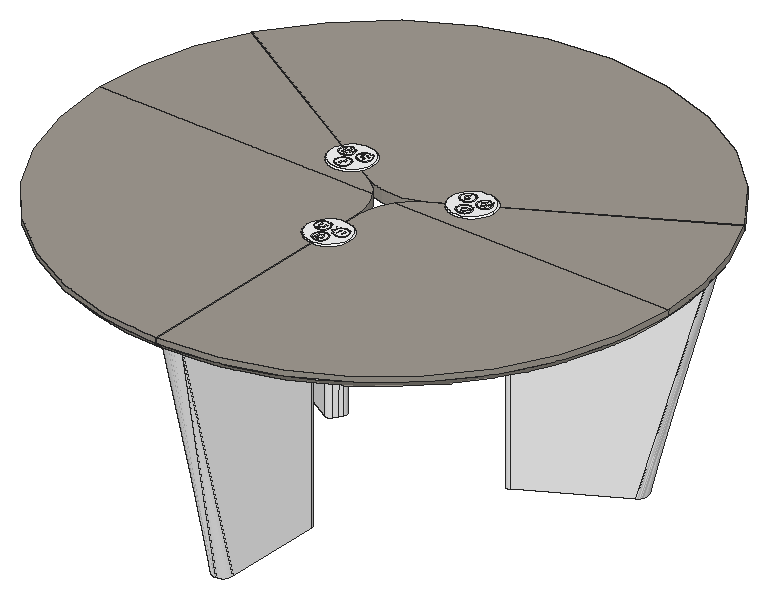
Revit family "Table-Lounge-Teknion-STCRS-Cavu_Table_With_Power-R2014", category Furniture, Revit 2014
Parameters (values of type "60" dia x 26" h - With Power")
  With Power = yes
  Width = 60"
  Warranty = "http://www.teknionstudio.com/pdfs/Teknion%20Studio%20Warranty.pdf"
  Voltage = 125 V  # constant formula
  Unit Weight = 0.00 kip  # constant formula
  URL = "www.teknionstudio.com"
  Table Finish [instance] = Veneer - StudioTK - P8 - Natural Oak
  Series = "Studio"  # constant formula
  Product Page URL = ""
  Product Line = "Cavu"  # constant formula
  Product Documentation Link = "http://www.teknionstudio.com/pricing/STCRS_ppg.pdf"
  Power Finish = Paint - StudioTK - 7Y - Storm_White_Coordinate
  Power Factor = 1  # constant formula
  Part Number = "STCRS"  # constant formula
  Number of Poles = 1
  Model = "STCRS6026P"
  Manufacturer Phone = "919-464-2920"  # constant formula
  Manufacturer Fax = "919-464-2927"  # constant formula
  Manufacturer Email = "customersupport@teknionstudio.com"
  Manufacturer Address = "3941 US 70 Business HWY West, Clayton, NC 27520"  # constant formula
  Manufacturer = "StudioTK"  # constant formula
  Low Emitting Material = yes
  Low Emitting Finish = yes
  Length top support = if(Width = 60", 29.38", if(Width = 72", 39.75", 50.13"))  # 29.38"
  Height = 26"
  Description = "Cavu Round Table, 60\" dia. / 152cm, 26\"H / 66cm, With Power"
  Connector Description = "Cavu Table Power & USB"  # constant formula
  Base Finish [instance] = Metal - StudioTK - V - Painted Very White
  Assembly Code = "E2020200"
Types (11): name | Width | Table Finish | Power Finish | Model | Length top support | Height | Description | Base Finish
  60" dia x 26" h - With Power | 60" | Veneer - StudioTK - P8 - Natural Oak | Paint - StudioTK - 7Y - Storm_White_Coordinate | "STCRS6026P" | 29.38" | 26" | "Cavu Round Table, 60\" dia. / 152cm, 26\"H / 66cm, With Power" | Metal - StudioTK - V - Painted Very White
  60" dia x 20" h - With Power | 60" | none | none | "STCRS6020P" | 29.38" | 20" | "Cavu Round Table, 60\" dia. / 152cm, 20\"H / 51cm, With Power" | none
  60" dia x 29" h - With Power | 60" | none | none | "STCRS6029P" | 29.38" | 29" | "Cavu Round Table, 60\" dia. / 152cm, 29\"H / 74cm, With Power" | none
  60" dia x 36" h - With Power | 60" | none | none | "STCRS6036P" | 29.38" | 36" | "Cavu Round Table, 60\" dia. / 152cm, 36\"H / 91cm, With Power" | none
  60" dia x 42" h - With Power | 60" | none | none | "STCRS6042P" | 29.38" | 42" | "Cavu Round Table, 60\" dia. / 152cm, 42\"H / 107cm, With Power" | none
  72" dia x 20" h - With Power | 72" | none | none | "STCRS7220P" | 39.75" | 20" | "Cavu Round Table, 72\" dia. / 183cm, 20\"H / 51cm, With Power" | none
  72" dia x 26" h - With Power | 72" | none | none | "STCRS7226P" | 39.75" | 26" | "Cavu Round Table, 72\" dia. / 183cm, 26\"H / 66cm, With Power" | none
  72" dia x 29" h - With Power | 72" | none | none | "STCRS7229P" | 39.75" | 29" | "Cavu Round Table, 72\" dia. / 183cm, 29\"H / 74cm, With Power" | none
  84" dia x 20" h - With Power | 84" | none | none | "STCRS8420P" | 50.13" | 20" | "Cavu Round Table, 84\" dia. / 213cm, 20\"H / 51cm, With Power" | none
  84" dia x 26" h - With Power | 84" | none | none | "STCRS8426P" | 50.13" | 26" | "Cavu Round Table, 84\" dia. / 213cm, 26\"H / 66cm, With Power" | none
  84" dia x 29" h - With Power | 84" | none | none | "STCRS8429P" | 50.13" | 29" | "Cavu Round Table, 84\" dia. / 213cm, 29\"H / 74cm, With Power" | none
Reference planes (in)
  plane 1 "Center Front/Back": y = 0
  plane 2: z = 0
  plane 3 "Center Left/Right": x = 0
  plane 4: x = -30
  plane 5: x = 30
  plane 6 "Top": z = 26
  plane 7 "Bottom worksurface": z = 24.75
  plane 8 "middle worksurface": z = 25.45
  plane 9: through (0, 0, 48) normal (-0.5, 0.866, 0)
  plane 10: through (0, 0, 48) normal (-0.5, -0.866, 0)
  plane 11 "bottom to support": z = 22
  plane 12 "top electric": z = 26.1
Forms (in)
  Revolve 1, solid, material "Veneer - StudioTK - P8 - Natural Oak" <- "Table Finish"
    sketch origin (0, 0, 0) x (1, 0, 0) y (0, 0, 1)
      loop
        line (-30, 26) -> (-30, 25.45) -> (-29.3, 24.75) -> (0, 24.75) -> (0, 26) -> (-30, 26)
      axis (0, 24.75) -> (0, 26)
    angle from 0 to 360
  Extrusion 2, void
    sketch origin (0, 0, 26) x (-1, 0, 0) y (0, -1, 0)
      loop
        arc (3.06104, -1.70956) -> (0.85681, 0.49468) -> (0.05, 3.50572) r 6.02208
        line (0.05, 3.50572) -> (-0.05, 3.50572)
        arc (-0.05, 3.50572) -> (-0.85681, 0.49468) -> (-3.06104, -1.70956) r 6.02208
        line (-3.06104, -1.70956) -> (-3.18532, -1.78131) -> (-3.13532, -1.86791) -> (-3.01104, -1.79616)
        arc (-3.01104, -1.79616) -> (0, -0.98935) -> (3.01104, -1.79616) r 6.02208
        line (3.01104, -1.79616) -> (3.06104, -1.70956)
    from 0 to -1.25
  Extrusion 3, void
    sketch origin (0, 0, 26) x (-1, 0, 0) y (0, -1, 0)
      loop
        line (-3.13532, -1.86791) -> (-3.18532, -1.78131) -> (-26.00573, -14.95668) -> (-25.95573, -15.04328) -> (-3.13532, -1.86791)
    from -1.25 to 0
  Extrusion 4, void
    sketch origin (0, 0, 26) x (-1, 0, 0) y (0, -1, 0)
      loop
        line (3.01104, -1.79616) -> (25.95573, -15.04328) -> (26.00573, -14.95668) -> (3.06104, -1.70956) -> (3.01104, -1.79616)
    from -1.25 to 0
  Extrusion 5, void
    sketch origin (0, 0, 0) x (1, 0, 0) y (0, 0, 1)
      loop
        line (-0.05, 26) -> (-0.05, 24.75) -> (0.05, 24.75) -> (0.05, 26) -> (-0.05, 26)
    from 3.50572 to 42.68851
  Extrusion 6, solid, material "Metal - StudioTK - V - Painted Very White" <- "Base Finish"
    sketch origin (0, 0, 26) x (-1, 0, 0) y (0, -1, 0)
      loop
        line (14.69, -9.64) -> (15.19174, -8.77096) -> (9.69303, -5.59628) -> (-9.69303, -5.59628) -> (-15.19174, -8.77096) -> (-14.69, -9.64) -> (14.69, -9.64)
    from -4 to -1.25
  Extrusion 7, solid, material "Metal - StudioTK - V - Painted Very White" <- "Base Finish"
    sketch origin (0, 0, 26) x (-0.5, 0.866025, 0) y (-0.866025, -0.5, 0)
      loop
        line (14.69, 9.64) -> (-14.69, 9.64) -> (-15.19174, 8.77096) -> (-9.69303, 5.59628) -> (9.69303, 5.59628) -> (15.19174, 8.77096) -> (14.69, 9.64)
    from -4 to -1.25
  Extrusion 8, solid, material "Metal - StudioTK - V - Painted Very White" <- "Base Finish"
    sketch origin (0, 0, 26) x (0.5, 0.866025, 0) y (-0.866025, 0.5, 0)
      loop
        line (14.69, -9.64) -> (15.19174, -8.77096) -> (9.69303, -5.59628) -> (-9.69303, -5.59628) -> (-15.19174, -8.77096) -> (-14.69, -9.64) -> (14.69, -9.64)
    from -4 to -1.25
  Blend 9, solid, material "Metal - StudioTK - V - Painted Very White" <- "Base Finish"
    base sketch origin (0, 0, 26) x (-1, 0, 0) y (0, -1, 0)
      loop
        line (0, 10.33255) -> (0.49652, 10.33255)
        arc (0.49652, 10.33255) -> (0.85007, 10.479) -> (0.99652, 10.83255) r 0.5
        line (0.99652, 10.83255) -> (0.99652, 21.23255)
        arc (0.99652, 21.23255) -> (0.70363, 21.93966) -> (-0.00348, 22.23255) r 1
        arc (-0.00348, 22.23255) -> (-0.70567, 21.9417) -> (-0.99652, 21.23951) r 0.99304
        line (-0.99652, 21.23951) -> (-0.99652, 10.83255)
        arc (-0.99652, 10.83255) -> (-0.85007, 10.479) -> (-0.49652, 10.33255) r 0.5
        line (-0.49652, 10.33255) -> (0, 10.33255)
    top sketch origin (0, 0, 26) x (-1, 0, 0) y (0, -1, 0)
      loop
        arc (0.49652, 10.33255) -> (0.85007, 10.479) -> (0.99652, 10.83255) r 0.5
        line (0.99652, 10.83255) -> (0.99652, 28.08255)
        arc (0.99652, 28.08255) -> (0, 28.71255) -> (-0.99652, 28.08255) r 1.10314
        line (-0.99652, 28.08255) -> (-0.99652, 10.83255)
        arc (-0.99652, 10.83255) -> (-0.85007, 10.479) -> (-0.49652, 10.33255) r 0.5
        line (-0.49652, 10.33255) -> (0.49652, 10.33255)
    from -26 to -1.25
  Blend 10, solid, material "Metal - StudioTK - V - Painted Very White" <- "Base Finish"
    base sketch origin (0, 0, 26) x (0.5, 0.866025, 0) y (-0.866025, 0.5, 0)
      loop
        line (0, 10.33255) -> (0.49652, 10.33255)
        arc (0.49652, 10.33255) -> (0.85007, 10.479) -> (0.99652, 10.83255) r 0.5
        line (0.99652, 10.83255) -> (0.99652, 21.23255)
        arc (0.99652, 21.23255) -> (0.70363, 21.93966) -> (-0.00348, 22.23255) r 1
        arc (-0.00348, 22.23255) -> (-0.70567, 21.9417) -> (-0.99652, 21.23951) r 0.99304
        line (-0.99652, 21.23951) -> (-0.99652, 10.83255)
        arc (-0.99652, 10.83255) -> (-0.85007, 10.479) -> (-0.49652, 10.33255) r 0.5
        line (-0.49652, 10.33255) -> (0, 10.33255)
    top sketch origin (0, 0, 26) x (0.5, 0.866025, 0) y (-0.866025, 0.5, 0)
      loop
        arc (0.49652, 10.33255) -> (0.85007, 10.479) -> (0.99652, 10.83255) r 0.5
        line (0.99652, 10.83255) -> (0.99652, 28.08255)
        arc (0.99652, 28.08255) -> (0, 28.71255) -> (-0.99652, 28.08255) r 1.10314
        line (-0.99652, 28.08255) -> (-0.99652, 10.83255)
        arc (-0.99652, 10.83255) -> (-0.85007, 10.479) -> (-0.49652, 10.33255) r 0.5
        line (-0.49652, 10.33255) -> (0.49652, 10.33255)
    from -26 to -1.25
  Blend 11, solid, material "Metal - StudioTK - V - Painted Very White" <- "Base Finish"
    base sketch origin (0, 0, 26) x (-0.5, 0.866025, 0) y (-0.866025, -0.5, 0)
      loop
        arc (0.99652, -10.69255) -> (0.85007, -10.339) -> (0.49652, -10.19255) r 0.5
        line (0.49652, -10.19255) -> (-0.49652, -10.19255)
        arc (-0.49652, -10.19255) -> (-0.85007, -10.339) -> (-0.99652, -10.69255) r 0.5
        line (-0.99652, -10.69255) -> (-0.99652, -21.09951)
        arc (-0.99652, -21.09951) -> (-0.70567, -21.8017) -> (-0.00348, -22.09255) r 0.99304
        arc (-0.00348, -22.09255) -> (0.70363, -21.79966) -> (0.99652, -21.09255) r 1
        line (0.99652, -21.09255) -> (0.99652, -10.69255)
    top sketch origin (0, 0, 26) x (-0.5, 0.866025, 0) y (-0.866025, -0.5, 0)
      loop
        line (0.49652, -10.19255) -> (-0.49652, -10.19255)
        arc (-0.49652, -10.19255) -> (-0.85007, -10.339) -> (-0.99652, -10.69255) r 0.5
        line (-0.99652, -10.69255) -> (-0.99652, -28.07569)
        arc (-0.99652, -28.07569) -> (0, -28.70569) -> (0.99652, -28.07569) r 1.10314
        line (0.99652, -28.07569) -> (0.99652, -10.69255)
        arc (0.99652, -10.69255) -> (0.85007, -10.339) -> (0.49652, -10.19255) r 0.5
    from -26 to -1.25
  Extrusion 12, void
    sketch origin (0, 0, 26) x (-1, 0, 0) y (0, -1, 0)
      loop
        circle (0.97, 6.83505) r 0.77
      loop
        circle (0.97, 6.83505) r 0.67
      loop
        circle (-0.97, 6.83505) r 0.77
      loop
        circle (-0.97, 6.83505) r 0.67
      loop
        circle (0, 8.39505) r 0.77
      loop
        circle (0, 8.39505) r 0.67
      loop
        line (-0.63527, 6.58775) -> (-0.63527, 7.01615) -> (-0.82231, 7.01615) -> (-0.82231, 6.58775) -> (-0.63527, 6.58775)
      loop
        line (-1.09987, 6.58775) -> (-1.09987, 7.01615) -> (-1.27485, 7.01615) -> (-1.27485, 6.58775) -> (-1.09987, 6.58775)
      loop
        line (1.31903, 6.58775) -> (1.31903, 7.01615) -> (1.16391, 7.01615) -> (1.16391, 6.58775) -> (1.31903, 6.58775)
      loop
        line (0.83998, 6.58775) -> (0.83998, 7.01615) -> (0.69398, 7.01615) -> (0.69398, 6.58775) -> (0.83998, 6.58775)
      loop
        arc (1.09823, 7.34668) -> (1.00373, 7.32133) -> (0.90923, 7.34668) r 0.18884
        arc (0.90923, 7.34668) -> (1.00373, 7.16128) -> (1.09823, 7.34668) r 0.11678
      loop
        line (0.38225, 8.10272) -> (0.38225, 8.60272) -> (0.13225, 8.60272) -> (0.13225, 8.10272) -> (0.38225, 8.10272)
      loop
        line (-0.15239, 8.10272) -> (-0.15239, 8.60272) -> (-0.36784, 8.60272) -> (-0.36784, 8.10272) -> (-0.15239, 8.10272)
      loop
        arc (0.13225, 8.92017) -> (0.00725, 8.87496) -> (-0.11775, 8.92017) r 0.19539
        arc (-0.11775, 8.92017) -> (0.00725, 8.72028) -> (0.13225, 8.92017) r 0.13903
    from 0 to 0.1
  Blend 13, solid, material "Paint - StudioTK - 7Y - Storm_White_Coordinate" <- "Power Finish", visible <- "With Power"
    base sketch origin (0, 0, 26) x (-1, 0, 0) y (0, -1, 0)
      loop
        circle (-6.35018, -3.66628) r 2.25
    top sketch origin (0, 0, 26.1) x (-1, 0, 0) y (0, -1, 0)
      loop
        circle (-6.35018, -3.66628) r 2.15
    from 0 to 0
  Blend 14, solid, material "Paint - StudioTK - 7Y - Storm_White_Coordinate" <- "Power Finish", visible <- "With Power"
    base sketch origin (0, 0, 29) x (-1, 0, 0) y (0, -1, 0)
      loop
        circle (6.35018, -3.66628) r 2.25
    top sketch origin (0, 0, 26.1) x (-1, 0, 0) y (0, -1, 0)
      loop
        circle (6.35018, -3.66628) r 2.15
    from -3 to 0
  Extrusion 15, void
    sketch origin (0, 0, 26) x (0.5, -0.866025, 0) y (0.866025, 0.5, 0)
      loop
        circle (0.97, 6.83505) r 0.77
      loop
        circle (0.97, 6.83505) r 0.67
      loop
        circle (-0.97, 6.83505) r 0.77
      loop
        circle (-0.97, 6.83505) r 0.67
      loop
        circle (0, 8.39505) r 0.77
      loop
        circle (0, 8.39505) r 0.67
      loop
        line (-0.63527, 6.58775) -> (-0.63527, 7.01615) -> (-0.82231, 7.01615) -> (-0.82231, 6.58775) -> (-0.63527, 6.58775)
      loop
        line (-1.09987, 6.58775) -> (-1.09987, 7.01615) -> (-1.27485, 7.01615) -> (-1.27485, 6.58775) -> (-1.09987, 6.58775)
      loop
        line (1.31903, 6.58775) -> (1.31903, 7.01615) -> (1.16391, 7.01615) -> (1.16391, 6.58775) -> (1.31903, 6.58775)
      loop
        line (0.83998, 6.58775) -> (0.83998, 7.01615) -> (0.69398, 7.01615) -> (0.69398, 6.58775) -> (0.83998, 6.58775)
      loop
        arc (1.09823, 7.34668) -> (1.00373, 7.32133) -> (0.90923, 7.34668) r 0.18884
        arc (0.90923, 7.34668) -> (1.00373, 7.16128) -> (1.09823, 7.34668) r 0.11678
      loop
        line (0.38225, 8.10272) -> (0.38225, 8.60272) -> (0.13225, 8.60272) -> (0.13225, 8.10272) -> (0.38225, 8.10272)
      loop
        line (-0.15239, 8.10272) -> (-0.15239, 8.60272) -> (-0.36784, 8.60272) -> (-0.36784, 8.10272) -> (-0.15239, 8.10272)
      loop
        arc (0.13225, 8.92017) -> (0.00725, 8.87496) -> (-0.11775, 8.92017) r 0.19539
        arc (-0.11775, 8.92017) -> (0.00725, 8.72028) -> (0.13225, 8.92017) r 0.13903
    from 0.1 to 0
  Extrusion 16, void
    sketch origin (0, 0, 26) x (0.5, 0.866025, 0) y (-0.866025, 0.5, 0)
      loop
        circle (0.97, 6.83505) r 0.77
      loop
        circle (0.97, 6.83505) r 0.67
      loop
        circle (-0.97, 6.83505) r 0.77
      loop
        circle (-0.97, 6.83505) r 0.67
      loop
        circle (0, 8.39505) r 0.77
      loop
        circle (0, 8.39505) r 0.67
      loop
        line (-0.63527, 6.58775) -> (-0.63527, 7.01615) -> (-0.82231, 7.01615) -> (-0.82231, 6.58775) -> (-0.63527, 6.58775)
      loop
        line (-1.09987, 6.58775) -> (-1.09987, 7.01615) -> (-1.27485, 7.01615) -> (-1.27485, 6.58775) -> (-1.09987, 6.58775)
      loop
        line (1.31903, 6.58775) -> (1.31903, 7.01615) -> (1.16391, 7.01615) -> (1.16391, 6.58775) -> (1.31903, 6.58775)
      loop
        line (0.83998, 6.58775) -> (0.83998, 7.01615) -> (0.69398, 7.01615) -> (0.69398, 6.58775) -> (0.83998, 6.58775)
      loop
        arc (1.09823, 7.34668) -> (1.00373, 7.32133) -> (0.90923, 7.34668) r 0.18884
        arc (0.90923, 7.34668) -> (1.00373, 7.16128) -> (1.09823, 7.34668) r 0.11678
      loop
        line (0.38225, 8.10272) -> (0.38225, 8.60272) -> (0.13225, 8.60272) -> (0.13225, 8.10272) -> (0.38225, 8.10272)
      loop
        line (-0.15239, 8.10272) -> (-0.15239, 8.60272) -> (-0.36784, 8.60272) -> (-0.36784, 8.10272) -> (-0.15239, 8.10272)
      loop
        arc (0.13225, 8.92017) -> (0.00725, 8.87496) -> (-0.11775, 8.92017) r 0.19539
        arc (-0.11775, 8.92017) -> (0.00725, 8.72028) -> (0.13225, 8.92017) r 0.13903
    from 0 to 0.1
  Blend 17, solid, material "Paint - StudioTK - 7Y - Storm_White_Coordinate" <- "Power Finish", visible <- "With Power"
    base sketch origin (0, 0, 29) x (-1, 0, 0) y (0, -1, 0)
      loop
        circle (0, 7.33255) r 2.25
    top sketch origin (0, 0, 26.1) x (-1, 0, 0) y (0, -1, 0)
      loop
        circle (0, 7.33255) r 2.15
    from -3 to 0
Cuts and joins
  Extrusion 2, Extrusion 3, Extrusion 4, Extrusion 5, Extrusion 12, Extrusion 15, Extrusion 16 cuts Revolve 1
  joined: Extrusion 6, Extrusion 7, Extrusion 8, Blend 9
  Extrusion 15, Extrusion 16 cuts Blend 13
  Extrusion 12 cuts Blend 17
  Extrusion 16 cuts Blend 14
Lines and regions (in)
  Masking region 1
    outline origin (0, 0, 26) x (-1, 0, 0) y (0, -1, 0)
      loop
        circle (0, 0) r 30
  Masking region 2, visible <- "With Power"
    outline origin (0, 0, 26) x (-1, 0, 0) y (0, -1, 0)
      loop
        circle (6.35018, -3.66628) r 2.25
  Masking region 3, visible <- "With Power"
    outline origin (0, 0, 26) x (-1, 0, 0) y (0, -1, 0)
      loop
        circle (-6.35018, -3.66628) r 2.25
  Masking region 4, visible <- "With Power"
    outline origin (0, 0, 26) x (-1, 0, 0) y (0, -1, 0)
      loop
        circle (0, 7.33255) r 2.25
  symbolic lines
    curve 1: arc (3.06104, 1.70956, 26) -> (0.85681, -0.49468, 26) -> (0.05, -3.50572, 26) r 6.02208
    curve 2: arc (3.01104, 1.79616, 26) -> (0, 0.98935, 26) -> (-3.01104, 1.79616, 26) r 6.02208
    curve 4: arc (-3.06104, 1.70956, 26) -> (-0.85681, -0.49468, 26) -> (-0.05, -3.50572, 26) r 6.02208
    curve 15: line (-3.01104, 1.79616, 26) -> (-25.95573, 15.04328, 26)
    curve 16: line (25.95573, 15.04328, 26) -> (3.01104, 1.79616, 26)
    curve 17: line (-26.00573, 14.95668, 26) -> (-3.06104, 1.70956, 26)
    curve 18: line (-0.05, -3.50572, 26) -> (-0.05, -29.99996, 26)
    curve 19: line (0.05, -29.99996, 26) -> (0.05, -3.50572, 26)
    curve 20: line (3.06104, 1.70956, 26) -> (26.00573, 14.95668, 26)
  symbolic lines, detail levels medium+fine
    curve 3: line (0.05, -29.99996, 26) -> (0.05, -3.50572, 26)
    curve 5: line (-0.05, -3.50572, 26) -> (-0.05, -29.99996, 26)
    curve 32: line (-9.19651, 4.73628, 26) -> (-8.69999, 5.59628, 26)
  symbolic lines, visible <- "With Power", detail levels medium+fine
    curve 6: circle (0.97, -6.83505, 26) r 0.77 normal (0, 0, 1)
    curve 7: circle (-0.97, -6.83505, 26) r 0.77 normal (0, 0, 1)
    curve 8: circle (0, -8.39505, 26) r 0.77 normal (0, 0, 1)
    curve 9: circle (5.43433, 4.25757, 26) r 0.77 normal (0, 0, 1)
    curve 10: circle (7.27033, 4.19753, 26) r 0.77 normal (0, 0, 1)
    curve 11: circle (6.40433, 2.57748, 26) r 0.77 normal (0, 0, 1)
    curve 12: circle (-7.27033, 4.19753, 26) r 0.77 normal (0, 0, 1)
    curve 13: circle (-5.43433, 4.25757, 26) r 0.77 normal (0, 0, 1)
    curve 14: circle (-6.40433, 2.57748, 26) r 0.77 normal (0, 0, 1)
  symbolic lines, style "FurnitureHiddenLines", detail levels fine
    curve 21: line (-14.69, 9.64, 26) -> (-15.69348, 7.90191, 26)
    curve 22: line (14.69, 9.64, 26) -> (-14.69, 9.64, 26)
    curve 23: line (15.69348, 7.90191, 26) -> (14.69, 9.64, 26)
    curve 24: line (0.99652, -17.55397, 26) -> (15.69348, 7.90191, 26)
    curve 25: line (-15.69348, 7.90191, 26) -> (-0.99652, -17.55397, 26)
    curve 26: line (-0.49652, -10.33255, 26) -> (-9.69303, 5.59628, 26)
    curve 27: line (-9.69303, 5.59628, 26) -> (9.69303, 5.59628, 26)
    curve 28: line (9.69303, 5.59628, 26) -> (0.49652, -10.33255, 26)
  symbolic lines, style "FurnitureHiddenLines", detail levels medium+fine
    curve 29: arc (-23.82194, 14.90429, 26) -> (-24.8658, 14.35628, 26) -> (-24.81846, 13.17826, 26) r 1.10314
    curve 30: line (-8.883, 6.27929, 26) -> (-23.82194, 14.90429, 26)
    curve 31: arc (-8.69999, 5.59628, 26) -> (-8.65004, 5.97568, 26) -> (-8.883, 6.27929, 26) r 0.5
    curve 33: arc (-9.87952, 4.55326, 26) -> (-9.50012, 4.50331, 26) -> (-9.19651, 4.73628, 26) r 0.5
    curve 34: line (-24.81846, 13.17826, 26) -> (-9.87952, 4.55326, 26)
    curve 35: line (23.816, 14.90086, 26) -> (8.76176, 6.20929, 26)
    curve 36: arc (24.81252, 13.17483, 26) -> (24.85986, 14.35284, 26) -> (23.816, 14.90086, 26) r 1.10314
    curve 37: line (9.75828, 4.48326, 26) -> (24.81252, 13.17483, 26)
    curve 38: arc (9.07527, 4.66628, 26) -> (9.37887, 4.43331, 26) -> (9.75828, 4.48326, 26) r 0.5
    curve 39: line (8.57875, 5.52628, 26) -> (9.07527, 4.66628, 26)
    curve 40: arc (8.76176, 6.20929, 26) -> (8.5288, 5.90568, 26) -> (8.57875, 5.52628, 26) r 0.5
    curve 41: arc (0.99652, -10.83255, 26) -> (0.85007, -10.479, 26) -> (0.49652, -10.33255, 26) r 0.5
    curve 42: line (0.99652, -28.08255, 26) -> (0.99652, -10.83255, 26)
    curve 43: arc (-0.99652, -28.08255, 26) -> (0, -28.71255, 26) -> (0.99652, -28.08255, 26) r 1.10314
    curve 44: line (-0.99652, -10.83255, 26) -> (-0.99652, -28.08255, 26)
    curve 45: arc (-0.49652, -10.33255, 26) -> (-0.85007, -10.479, 26) -> (-0.99652, -10.83255, 26) r 0.5
    curve 46: line (0.49652, -10.33255, 26) -> (-0.49652, -10.33255, 26)
Dimensions and locks (in)
  "Width": plane 4 to plane 5
  equal spacing: plane 4, plane 3 "Center Left/Right", plane 5
  "Height": plane 6 "Top" to level
  locked: plane 6 "Top" to plane 7 "Bottom worksurface" at 1.25
  locked: plane 6 "Top" to plane 8 "middle worksurface" at 0.55
  Extrusion 3 sketch curve to plane 9 to Extrusion 3 sketch curve = 0.05" locked, 0.05" locked
  Extrusion 4 sketch curve to plane 10 to Extrusion 4 sketch curve = 0.05" locked, 0.05" locked
  "Length top support": Extrusion 6 sketch curve to Extrusion 6 sketch curve
  locked: plane 6 "Top" to plane 11 "bottom to support" at 4
  equal spacing: Extrusion 6 sketch curve, plane 3 "Center Left/Right", Extrusion 6 sketch curve
  locked: Extrusion 6 sketch curve to Extrusion 6 sketch curve at 6.34936  (x2)
  "Length top support": Extrusion 7 sketch curve to Extrusion 7 sketch curve
  Extrusion 7 sketch curve to Extrusion 7 sketch curve = 29.38"
  locked: Extrusion 7 sketch curve to Extrusion 7 sketch curve at 6.34936  (x2)
  "Length top support": Extrusion 8 sketch curve to Extrusion 8 sketch curve
  Extrusion 8 sketch curve to Extrusion 8 sketch curve = 29.38"
  locked: Extrusion 8 sketch curve to Extrusion 8 sketch curve at 6.34936  (x2)
  locked: Extrusion 6 sketch curve to Extrusion 6 sketch curve at 1.00348  (x2)
  locked: Blend 9 sketch curve to Extrusion 8 at 0.86
  locked: Blend 9 sketch curve to plane 3 "Center Left/Right" at 0.99652
  locked: Blend 9 sketch curve to Blend 9 sketch curve at 0.5  (x2)
  locked: Blend 9 sketch curve to Blend 9 sketch curve at 10.9
  locked: Extrusion 8 to Blend 9 sketch curve at 0.86
  locked: Blend 9 sketch curve to Blend 9 sketch curve at 17.27686
  equal spacing: Blend 9 sketch curve, plane 3 "Center Left/Right", Blend 9 sketch curve
  locked: Blend 10 sketch curve to Blend 10 sketch curve at 10.9
  locked: Blend 10 sketch curve to Blend 10 sketch curve at 17.27686
  Blend 10 sketch curve to Blend 10 sketch curve = 1.99304"  (x3)
  locked: Blend 10 sketch curve to Blend 10 sketch curve at 1.99304
  locked: Blend 10 sketch curve to cut or joined group of Extrusion 6, Extrusion 7, Extrusion 8, Blend 9 at 0.86
  locked: cut or joined group of Extrusion 6, Extrusion 7, Extrusion 8, Blend 9 to Blend 10 sketch curve at 0.86
  locked: Blend 11 sketch curve to Blend 11 sketch curve at 17.41
  Blend 11 sketch curve to Blend 11 sketch curve = 1.99304"  (x3)
  locked: Blend 11 sketch curve to Blend 11 sketch curve at 1.99304
  locked: Blend 11 sketch curve to cut or joined group of Extrusion 6, Extrusion 7, Extrusion 8, Blend 9 at 1  (x2)
  locked: Blend 11 sketch curve to Blend 11 sketch curve at 10.9
  locked: Extrusion 12 sketch curve to Extrusion 12 sketch curve at 1.94  (x2)
  locked: Extrusion 12 sketch curve to Extrusion 12 sketch curve at 1.83698  (x4)
  locked: Extrusion 12 sketch curve to cut or joined group of Extrusion 6, Extrusion 7, Extrusion 8, Blend 9 at 1.9375  (x2)
  locked: Blend 13 sketch curve to Blend 11 at 2.86  (x2)
  locked: Blend 14 sketch curve to Blend 10 at 3  (x2)
  Extrusion 12 sketch curve to Extrusion 12 sketch curve to Extrusion 12 sketch curve to Extrusion 12 sketch curve to Extrusion 12 sketch curve = 0.18705" locked, 0.14769" locked, 0.12987" locked, 0.17498" locked
  Extrusion 12 sketch curve to Extrusion 12 sketch curve to Extrusion 12 sketch curve = 0.1811" locked, 0.2473" locked  (x4)
  Extrusion 12 sketch curve to Extrusion 12 sketch curve to Extrusion 12 sketch curve to Extrusion 12 sketch curve to Extrusion 12 sketch curve = 0.15512" locked, 0.19391" locked, 0.13002" locked, 0.146" locked
  locked: Extrusion 12 sketch curve to Extrusion 12 sketch curve at 0.69031
  locked: Extrusion 12 sketch curve to Extrusion 12 sketch curve at 0.23211
  Extrusion 12 sketch curve to Extrusion 12 sketch curve to Extrusion 12 sketch curve to Extrusion 12 sketch curve to Extrusion 12 sketch curve = 0.25" locked, 0.13225" locked, 0.15239" locked, 0.21545" locked
  Extrusion 12 sketch curve to Extrusion 12 sketch curve to Extrusion 12 sketch curve = 0.20767" locked, 0.29233" locked  (x2)
  locked: Extrusion 12 sketch curve to Extrusion 12 sketch curve at 0.75659
  locked: Extrusion 12 sketch curve to Extrusion 12 sketch curve at 0.21103
  locked: Extrusion 15 sketch curve to Extrusion 15 sketch curve at 1.94  (x2)
  locked: Extrusion 15 sketch curve to Extrusion 15 sketch curve at 1.83698  (x4)
  Extrusion 15 sketch curve to Extrusion 15 sketch curve to Extrusion 15 sketch curve to Extrusion 15 sketch curve to Extrusion 15 sketch curve = 0.18705" locked, 0.14769" locked, 0.12987" locked, 0.17498" locked
  Extrusion 15 sketch curve to Extrusion 15 sketch curve to Extrusion 15 sketch curve = 0.1811" locked, 0.2473" locked  (x4)
  Extrusion 15 sketch curve to Extrusion 15 sketch curve to Extrusion 15 sketch curve to Extrusion 15 sketch curve to Extrusion 15 sketch curve = 0.15512" locked, 0.19391" locked, 0.13002" locked, 0.146" locked
  locked: Extrusion 15 sketch curve to Extrusion 15 sketch curve at 0.69031
  locked: Extrusion 15 sketch curve to Extrusion 15 sketch curve at 0.23211
  Extrusion 15 sketch curve to Extrusion 15 sketch curve to Extrusion 15 sketch curve to Extrusion 15 sketch curve to Extrusion 15 sketch curve = 0.25" locked, 0.13225" locked, 0.15239" locked, 0.21545" locked
  Extrusion 15 sketch curve to Extrusion 15 sketch curve to Extrusion 15 sketch curve = 0.20767" locked, 0.29233" locked  (x2)
  locked: Extrusion 15 sketch curve to Extrusion 15 sketch curve at 0.75659
  locked: Extrusion 15 sketch curve to Extrusion 15 sketch curve at 0.21103
  locked: Extrusion 15 sketch curve to Blend 11 at 1.7975
  locked: Extrusion 16 sketch curve to Extrusion 16 sketch curve at 1.94  (x2)
  locked: Extrusion 16 sketch curve to Extrusion 16 sketch curve at 1.83698  (x4)
  Extrusion 16 sketch curve to Extrusion 16 sketch curve to Extrusion 16 sketch curve to Extrusion 16 sketch curve to Extrusion 16 sketch curve = 0.18705" locked, 0.14769" locked, 0.12987" locked, 0.17498" locked
  Extrusion 16 sketch curve to Extrusion 16 sketch curve to Extrusion 16 sketch curve = 0.1811" locked, 0.2473" locked  (x4)
  Extrusion 16 sketch curve to Extrusion 16 sketch curve to Extrusion 16 sketch curve to Extrusion 16 sketch curve to Extrusion 16 sketch curve = 0.15512" locked, 0.19391" locked, 0.13002" locked, 0.146" locked
  locked: Extrusion 16 sketch curve to Extrusion 16 sketch curve at 0.69031
  locked: Extrusion 16 sketch curve to Extrusion 16 sketch curve at 0.23211
  Extrusion 16 sketch curve to Extrusion 16 sketch curve to Extrusion 16 sketch curve to Extrusion 16 sketch curve to Extrusion 16 sketch curve = 0.25" locked, 0.13225" locked, 0.15239" locked, 0.21545" locked
  Extrusion 16 sketch curve to Extrusion 16 sketch curve to Extrusion 16 sketch curve = 0.20767" locked, 0.29233" locked  (x2)
  locked: Extrusion 16 sketch curve to Extrusion 16 sketch curve at 0.75659
  locked: Extrusion 16 sketch curve to Extrusion 16 sketch curve at 0.21103
  locked: Extrusion 16 sketch curve to Blend 10 at 1.9375
  locked: Blend 17 sketch curve to cut or joined group of Extrusion 6, Extrusion 7, Extrusion 8, Blend 9 at 3  (x2)
  locked: plane 12 "top electric" to plane 6 "Top" at 0.1
  radius of Blend 13 sketch curve = 2.25"
  radius of Blend 14 sketch curve = 2.25"
  radius of Blend 17 sketch curve = 2.25"
  locked: plane 3 "Center Left/Right" to plane 10 (angle 60.00°)
  locked: plane 9 to plane 3 "Center Left/Right" (angle 60.00°)
  aligned and locked: level to plane 2
  aligned and locked: Revolve 1 sketch curve to plane 4
  aligned and locked: plane 7 "Bottom worksurface" to Revolve 1 sketch curve
  aligned and locked: Revolve 1 sketch curve to plane 6 "Top"
  aligned and locked: Revolve 1 sketch curve to plane 3 "Center Left/Right"
  aligned and locked: plane 6 "Top" to Extrusion 2
  aligned and locked: Extrusion 2 to plane 7 "Bottom worksurface"
  aligned and locked: Extrusion 3 to plane 7 "Bottom worksurface"
  aligned and locked: plane 6 "Top" to Extrusion 3
  aligned and locked: Extrusion 4 to plane 7 "Bottom worksurface"
  aligned and locked: plane 6 "Top" to Extrusion 4
  aligned and locked: cut or joined group 1 (Revolve 1, Extrusion 2, Extrusion 3, Extrusion 4, Extrusion 5, Extrusion 12, Extrusion 15, Extrusion 16) to Extrusion 5 sketch curve
  aligned and locked: Extrusion 5 sketch curve to cut or joined group 1  (x3)
  aligned and locked: cut or joined group 1 to cut or joined group 1
  aligned and locked: plane 7 "Bottom worksurface" to Extrusion 6
  aligned and locked: Extrusion 6 to plane 11 "bottom to support"
  aligned and locked: plane 10 to Extrusion 6 sketch curve
  aligned and locked: Extrusion 6 sketch curve to plane 10
  aligned and locked: plane 9 to Extrusion 6 sketch curve
  aligned and locked: plane 10 to Extrusion 7
  aligned and locked: Extrusion 6 to plane 10
  aligned and locked: Extrusion 8 to plane 3 "Center Left/Right"
  aligned and locked: plane 3 "Center Left/Right" to Extrusion 7
  aligned and locked: plane 9 to Extrusion 8
  aligned and locked: plane 7 "Bottom worksurface" to Extrusion 7
  aligned and locked: Extrusion 7 to plane 11 "bottom to support"
  aligned and locked: Extrusion 8 to plane 11 "bottom to support"
  aligned and locked: plane 7 "Bottom worksurface" to Extrusion 8
  aligned and locked: Blend 9 sketch curve to var sketch
  aligned and locked: Blend 9 to level
  aligned and locked: plane 7 "Bottom worksurface" to Blend 9
  aligned and locked: Blend 10 sketch curve to var sketch
  aligned and locked: cut or joined group of Extrusion 6, Extrusion 7, Extrusion 8, Blend 9 to cut or joined group of Extrusion 6, Extrusion 7, Extrusion 8, Blend 9  (x5)
  aligned and locked: Blend 11 sketch curve to var sketch
  aligned and locked: curve 2 to cut or joined group 1
  aligned and locked: cut or joined group 1 to curve 3
  aligned and locked: curve 4 to cut or joined group 1
  aligned and locked: Blend 10 to level
  aligned and locked: Blend 11 to level
  aligned and locked: curve 8 to cut or joined group 1
  aligned and locked: curve 7 to cut or joined group 1
  aligned and locked: curve 6 to cut or joined group 1
  aligned and locked: curve 9 to cut or joined group 1
  aligned and locked: curve 10 to cut or joined group 1
  aligned and locked: curve 11 to cut or joined group 1
  aligned and locked: curve 12 to cut or joined group 1
  aligned and locked: curve 13 to cut or joined group 1
  aligned and locked: curve 14 to cut or joined group 1
  aligned and locked: cut or joined group 1 to curve 16
  aligned and locked: cut or joined group 1 to curve 17
  aligned and locked: cut or joined group 1 to curve 19
  aligned and locked: curve 21 to cut or joined group of Extrusion 6, Extrusion 7, Extrusion 8, Blend 9
  aligned and locked: curve 22 to cut or joined group of Extrusion 6, Extrusion 7, Extrusion 8, Blend 9
  aligned and locked: curve 23 to cut or joined group of Extrusion 6, Extrusion 7, Extrusion 8, Blend 9
  aligned and locked: curve 24 to cut or joined group of Extrusion 6, Extrusion 7, Extrusion 8, Blend 9
  aligned and locked: curve 25 to cut or joined group of Extrusion 6, Extrusion 7, Extrusion 8, Blend 9
  aligned and locked: curve 26 to cut or joined group of Extrusion 6, Extrusion 7, Extrusion 8, Blend 9
  aligned and locked: curve 27 to cut or joined group of Extrusion 6, Extrusion 7, Extrusion 8, Blend 9
  aligned and locked: curve 28 to cut or joined group of Extrusion 6, Extrusion 7, Extrusion 8, Blend 9
  aligned and locked: curve 29 to Blend 10
  aligned and locked: curve 31 to Blend 10
  aligned and locked: curve 32 to Blend 10
  aligned and locked: curve 33 to Blend 10
  aligned and locked: curve 35 to Blend 11
  aligned and locked: curve 36 to Blend 11
  aligned and locked: curve 38 to Blend 11
  aligned and locked: curve 40 to Blend 11
  aligned and locked: curve 41 to cut or joined group of Extrusion 6, Extrusion 7, Extrusion 8, Blend 9
  aligned and locked: curve 42 to cut or joined group of Extrusion 6, Extrusion 7, Extrusion 8, Blend 9
  aligned and locked: curve 43 to cut or joined group of Extrusion 6, Extrusion 7, Extrusion 8, Blend 9
  aligned and locked: curve 45 to cut or joined group of Extrusion 6, Extrusion 7, Extrusion 8, Blend 9
  aligned and locked: Masking region 1 sketch curve to cut or joined group 1
  aligned and locked: Masking region 2 sketch curve to cut or joined group of Blend 14, Extrusion 16
  aligned and locked: Masking region 3 sketch curve to cut or joined group of Blend 13, Extrusion 15, Extrusion 16
  aligned and locked: Masking region 4 sketch curve to cut or joined group of Extrusion 12, Blend 17
  aligned and locked: Extrusion 16 to plane 6 "Top"
  aligned and locked: Extrusion 12 to plane 6 "Top"
  aligned and locked: Blend 14 to plane 6 "Top"
  aligned and locked: Blend 14 to Extrusion 16
  aligned and locked: Blend 17 to plane 6 "Top"
  aligned and locked: Blend 13 to plane 6 "Top"
  aligned and locked: plane 12 "top electric" to Blend 13
  aligned and locked: cut or joined group of Blend 13, Extrusion 15, Extrusion 16 to Extrusion 15
  aligned and locked: Extrusion 15 to plane 6 "Top"
  aligned and locked: plane 12 "top electric" to cut or joined group of Extrusion 12, Blend 17
Automatic sketch dimensions
  Extrusion 3 sketch curve to plane 5 = 3.99427"
  Extrusion 3 sketch curve to plane 1 "Center Front/Back" = 1.78131"
  Extrusion 4 sketch curve to plane 1 "Center Front/Back" = 1.79616"
  plane 4 to Extrusion 4 sketch curve = 4.04427"
  Revolve 1 sketch curve to plane 3 "Center Left/Right" = 0"
  Revolve 1 sketch curve to plane 8 "middle worksurface" = 0"
  plane 4 to Revolve 1 sketch curve = 0.7"
  plane 6 "Top" to Revolve 1 sketch curve = 4.5"
  Revolve 1 sketch curve to Revolve 1 sketch curve = 7"
  plane 10 to Extrusion 2 sketch curve = 0"
  Extrusion 2 sketch curve to plane 3 "Center Left/Right" = 0"
  Extrusion 2 sketch curve to plane 9 = 0"
  plane 3 "Center Left/Right" to Extrusion 2 sketch curve = 0.05"
  Extrusion 2 sketch curve to plane 1 "Center Front/Back" = 1.79616"  (x2)
  plane 3 "Center Left/Right" to Extrusion 2 sketch curve = 3.01104"
  Extrusion 2 sketch curve to plane 1 "Center Front/Back" = 1.70956"  (x2)
  Extrusion 2 sketch curve to Extrusion 2 sketch curve = 0.12428"
  Extrusion 2 sketch curve to plane 1 "Center Front/Back" = 1.78131"
  plane 1 "Center Front/Back" to Extrusion 2 sketch curve = 3.50572"
  Extrusion 2 sketch curve to plane 3 "Center Left/Right" = 0.05"
  Extrusion 2 sketch curve to Extrusion 2 sketch curve = 5.21527"
  Extrusion 7 sketch curve to plane 3 "Center Left/Right" = 0"  (x2)
  Extrusion 7 sketch curve to plane 10 = 0"  (x2)
  Extrusion 7 sketch curve to Extrusion 7 sketch curve = 0.50174"
  Extrusion 8 sketch curve to plane 3 "Center Left/Right" = 0"  (x2)
  Extrusion 8 sketch curve to plane 9 = 0"  (x2)
  Extrusion 8 sketch curve to Extrusion 8 sketch curve = 0.50174"
  Blend 9 sketch curve to plane 3 "Center Left/Right" = 0"  (x2)
  plane 3 "Center Left/Right" to Blend 9 sketch curve = 0.00348"
  Blend 9 sketch curve to Blend 9 sketch curve = 0.49652"
  Blend 9 sketch curve to Blend 9 sketch curve = 0.00696"
  Blend 9 sketch curve to plane 3 "Center Left/Right" = 0.49652"
  Blend 9 sketch curve to Blend 9 sketch curve = 0.47314"
  Blend 10 sketch curve to plane 10 = 0"  (x2)
  Blend 10 sketch curve to plane 10 = 0.00348"
  Blend 10 sketch curve to Blend 10 sketch curve = 0.49652"
  Blend 10 sketch curve to Blend 10 sketch curve = 0.99304"
  plane 10 to Blend 10 sketch curve = 0.49652"  (x2)
  Blend 10 sketch curve to Blend 10 sketch curve = 0.00696"
  Blend 10 sketch curve to Blend 10 sketch curve = 0.5"
  Blend 10 sketch curve to Blend 10 sketch curve = 0.47314"
  plane 9 to Blend 11 sketch curve = 0.99652"
  plane 9 to Blend 11 sketch curve = 0.49652"
  plane 9 to Blend 11 sketch curve = 0.00348"
  Blend 11 sketch curve to plane 9 = 0.49652"  (x2)
  Blend 11 sketch curve to Blend 11 sketch curve = 0.00696"
  Blend 11 sketch curve to plane 9 = 0"
  Blend 11 sketch curve to Blend 11 sketch curve = 0.5"
  Blend 11 sketch curve to Blend 11 sketch curve = 0.47314"
  Extrusion 12 sketch curve to Extrusion 12 sketch curve = 0"  (x3)
  Extrusion 12 sketch curve to plane 3 "Center Left/Right" = 0"
  plane 3 "Center Left/Right" to Extrusion 12 sketch curve = 0.63527"
  Extrusion 12 sketch curve to plane 3 "Center Left/Right" = 0.00725"  (x2)
  Extrusion 12 sketch curve to Extrusion 12 sketch curve = 0.16018"
  plane 3 "Center Left/Right" to Extrusion 12 sketch curve = 0.11775"
  Extrusion 12 sketch curve to Extrusion 12 sketch curve = 0.0945"
  Extrusion 12 sketch curve to Extrusion 12 sketch curve = 0.06862"
  Extrusion 12 sketch curve to Extrusion 12 sketch curve = 0.06086"
  Extrusion 15 sketch curve to Extrusion 15 sketch curve = 0"  (x4)
  Extrusion 15 sketch curve to plane 9 = 0"
  plane 9 to Extrusion 15 sketch curve = 0.63527"
  Extrusion 15 sketch curve to plane 9 = 0.00725"  (x2)
  Extrusion 15 sketch curve to Extrusion 15 sketch curve = 0.16018"
  plane 9 to Extrusion 15 sketch curve = 0.11775"
  Extrusion 15 sketch curve to Extrusion 15 sketch curve = 0.0945"
  Extrusion 15 sketch curve to Extrusion 15 sketch curve = 0.06862"
  Extrusion 15 sketch curve to Extrusion 15 sketch curve = 0.06086"
  Extrusion 16 sketch curve to Extrusion 16 sketch curve = 0"  (x4)
  Extrusion 16 sketch curve to plane 10 = 0"
  Extrusion 16 sketch curve to plane 10 = 0.63527"
  plane 10 to Extrusion 16 sketch curve = 0.00725"  (x2)
  Extrusion 16 sketch curve to Extrusion 16 sketch curve = 0.16018"
  Extrusion 16 sketch curve to plane 10 = 0.11775"
  Extrusion 16 sketch curve to Extrusion 16 sketch curve = 0.0945"
  Extrusion 16 sketch curve to Extrusion 16 sketch curve = 0.06862"
  Extrusion 16 sketch curve to Extrusion 16 sketch curve = 0.06086"
  curve 5 to curve 3 = 0"
  curve 15 to curve 17 = 0.05"
  curve 15 to curve 17 = 0.0866"
  curve 18 to curve 5 = 0"
  curve 19 to curve 3 = 0"
  curve 20 to curve 16 = 0.05"
  curve 16 to curve 20 = 0.0866"
  curve 31 to curve 31 = 0.25"
  curve 33 to curve 33 = 0.25"
  curve 29 to curve 34 = 0.90801"
  curve 30 to curve 29 = 0.08851"
  curve 16 to curve 35 = 2.13973"
  curve 37 to curve 27 = 0.06525"
  curve 38 to curve 38 = 0.43301"
  curve 37 to curve 36 = 0.90801"
  curve 35 to curve 39 = 0.18301"
  curve 40 to curve 39 = 0.43301"
  curve 42 to curve 3 = 1.91741"
  Blend 14 sketch curve to plane 10 = 0"  (x2)
  Blend 17 sketch curve to plane 3 "Center Left/Right" = 0"  (x2)
  Blend 13 sketch curve to plane 9 = 0"  (x2)
  plane 10 to curve 1 = 0"
  plane 1 "Center Front/Back" to curve 1 = 3.50572"
  curve 17 to plane 1 "Center Front/Back" = 1.70956"
  curve 30 to curve 15 = 2.13378"
  curve 15 to plane 1 "Center Front/Back" = 1.79616"
  curve 16 to plane 1 "Center Front/Back" = 1.79616"
  curve 20 to plane 1 "Center Front/Back" = 1.70956"
  radius of Extrusion 12 sketch curve = 0.77"  (x3)
  radius of Extrusion 12 sketch curve = 0.67"  (x3)
  radius of Extrusion 15 sketch curve = 0.77"  (x3)
  radius of Extrusion 15 sketch curve = 0.67"  (x3)
  radius of Extrusion 16 sketch curve = 0.77"  (x3)
  radius of Extrusion 16 sketch curve = 0.67"  (x3)
  radius of Blend 14 sketch curve = 2.15"
  radius of Blend 17 sketch curve = 2.15"
  radius of Blend 13 sketch curve = 2.15"
Connectors (in)
  electrical at (0, -7.33255, 26), driven by "Connector Description", driven by "Power Factor", driven by "Voltage", driven by "Number of Poles"
    settings: on cut or joined group of Extrusion 12, Blend 17, index 1, voltage 125 V, apparent load 0 VA, apparent load phase1 1250 VA, apparent load phase2 0 VA, apparent load phase3 0 VA, power factor 1, load classification "Other", number of poles 1, system type 31, power factor state 1, is connector primary yes, connector utility no, sub classification motor no, connector description "Cavu Table Power & USB"
